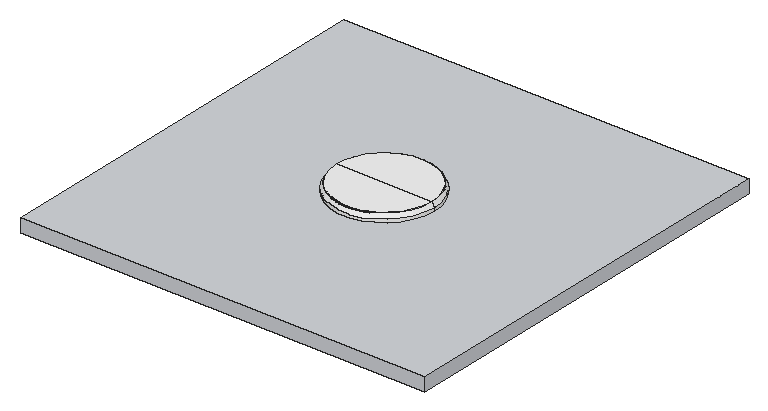
Revit family "Novaline Style", category Lighting Fixtures, host Face, Revit 2018
Family settings
  Host = Face
  Round Connector Dimension = Use Diameter
  Part Type = Normal
  OmniClass Number = 23.80.70.11
  OmniClass Title = Luminaries for Internal Lighting
  Cut with Voids When Loaded = No
  Light Source = Yes
  Shared = No
  Room Calculation Point = No
Parameters (values of type "LANOS L 4000-940 OP HL LDE WH")
  Width = Length  # 496.00 mm
  Wattage = 26.9284 W
  built-in parameter 1150110 = 1 (stored number, unit not read)
  Voltage = 230 V
  URL = "http://www.zumtobel.com/42188223"
  Type Comments = "© Zumtobel. We reserve the right to make technical changes without prior notice."  # constant formula
  built-in parameter 1114217 = 1 (stored number, unit not read)
  Top Diameter = 288.00 mm
  Tilt Angle = 90.00°
  built-in parameter 1150109 = 1 (stored number, unit not read)
  built-in parameter 1150134 = 12
  built-in parameter 1150113 = 1 (stored number, unit not read)
  Photometric Web File = "ZS_Lanos_500mm_HL_Full_4000lm.IES"
  Model = "42188223"
  Manufacturer = "Zumtobel Lighting"  # constant formula
  built-in parameter 1150105 = 1271.6 (stored number, unit not read)
  Lumens = 4000 lm
  built-in parameter 1150115 = 1 (stored number, unit not read)
  built-in parameter 1150137 = (empty or 0)
  built-in parameter 1150139 = (empty or 0)
  Length = 496.00 mm
  built-in parameter 1150112 = 1 (stored number, unit not read)
  built-in parameter 1150114 = 1 (stored number, unit not read)
  Lamp = "LED"
  built-in parameter 1150132 = 2
  built-in parameter 1150102 = (empty or 0)
  built-in parameter 1150107 = 4000 (stored number, unit not read)
  built-in parameter 1150138 = (empty or 0)
  built-in parameter 1150106 = 12.716 (stored number, unit not read)
  Height = 69.00 mm  # constant formula
  Emit from Circle Diameter = Length - 20.00 mm  # 476.00 mm
  Emit Shape Visible in Rendering = no
  built-in parameter 1150104 = 13.8 (stored number, unit not read)
  Dimming Lamp Color Temperature Shift = <None>
  Description = "Decorative wall and ceiling mount LED luminaire"  # constant formula
  Color Filter = 16777215
  Body [instance] = ZG_Metall_White
  built-in parameter 1114218 = 1 (stored number, unit not read)
  built-in parameter 1150133 = 10 (stored number, unit not read)
  Apparent Load = 30.6 VA
  Default Elevation = 0.00 mm
  Assembly Code = "D5020200"
Types (3, lengths in mm): name | Width | Wattage | URL | Top Diameter | Photometric Web File | Model | built-in parameter 1150105 | Lumens | Length | built-in parameter 1150106 | Emit from Circle Diameter | Apparent Load
  LANOS M 3500-940 OP HL LDE WH | 396.00 | 23.5624 W | "http://www.zumtobel.com/42188187" | 288.00 | "ZS_Lanos_400mm_HL_Full_3500lm.IES" | "42188187" | 1112.7 (stored number, unit not read) | 3500 lm | 396.00 | 11.127 (stored number, unit not read) | 376.00 | 24.6 VA
  LANOS L 4000-940 OP HL LDE WH | 496.00 | 26.9284 W | "http://www.zumtobel.com/42188223" | 288.00 | "ZS_Lanos_500mm_HL_Full_4000lm.IES" | "42188223" | 1271.6 (stored number, unit not read) | 4000 lm | 496.00 | 12.716 (stored number, unit not read) | 476.00 | 30.6 VA
  LANOS S 1900-940 OP DI LDE WH | 320.00 | 12.791 W | "http://www.zumtobel.com/42188119" | 248.00 | "42188119_(STD_LEO).IES" | "42188119" | 610.85 (stored number, unit not read) | 1900 lm | 320.00 | 6.1085 (stored number, unit not read) | 300.00 | 14.6 VA
Reference planes
  plane 1 "Top": z = 0
  plane 2 "Center (Left/Right)": x = 0
  plane 3 "Center (Front/Back)": y = -11.001
  plane 4 "Bottom": z = 69
  plane 5: x = -248
  plane 6: x = 248
  plane 7: x = -144
  plane 8: x = -100
  plane 9: x = 100
  plane 10: y = 88.999
  plane 11: y = -111.001
  plane 12: x = 144
  plane 13: x = -238
  plane 14: z = 25.131
  plane 15 "S3": z = 32
  plane 16: z = 25.131
Forms (mm)
  Extrusion 1, solid
    sketch origin (0, 0, 0) x (1, 0, 0) y (0, 1, 0)
      loop
        line (-1000, 988.999) -> (-1000, -1011.001) -> (1000, -1011.001) -> (1000, 988.999) -> (-1000, 988.999)
    from 0 to -66.193
  Revolve 2, solid, material "ZG_Metall_White" <- "Body"
    sketch origin (0, -11.001, 0) x (-1, 0, 0) y (0, 0, 1)
      loop
        line (0, 69) -> (0, 2.775) -> (144, 2.775) -> (144, 25.131)
        arc (144, 25.131) -> (191.12, 26.918) -> (238, 32) r 672.777
        line (238, 32) -> (248, 32) -> (248, 46.303) -> (237.355, 67) -> (235.348, 67) -> (235.348, 69) -> (0, 69)
      axis (0, 2.775) -> (0, 69)
    angle from 0 to 360
  Extrusion 3, solid, material "ZG_Metal_Black"
    sketch origin (0, 0, 0) x (1, 0, 0) y (0, 1, 0)
      loop
        circle (-100, -11.001) r 10
      loop
        circle (100, -11.001) r 10
      loop
        circle (0, 88.999) r 10
      loop
        circle (0, -111.001) r 10
    from 0 to 2.775
Dimensions and locks
  locked: plane 4 "Bottom" to plane 1 "Top" at 69
  equal spacing: plane 6, plane 2 "Center (Left/Right)", plane 5
  "Length": plane 6 to plane 5
  equal spacing: plane 12, plane 2 "Center (Left/Right)", plane 7
  "Top Diameter": plane 12 to plane 7
  locked: plane 13 to plane 5 at 10
  plane 4 "Bottom" to plane 15 "S3" to plane 16 = 37.00 mm locked, 6.869 mm locked
  aligned and locked: plane 1 "Top" to Extrusion 1
  aligned and locked: level to Extrusion 1
  aligned and locked: imposter light to plane 4 "Bottom"
  aligned: imposter light to plane 2 "Center (Left/Right)"
  aligned: imposter light to plane 3 "Center (Front/Back)"
  aligned and locked: plane 7 to Revolve 2 sketch curve
  aligned and locked: plane 8 to Extrusion 3 sketch curve
  aligned and locked: plane 9 to Extrusion 3 sketch curve
  aligned and locked: plane 16 to Revolve 2 sketch curve
Automatic sketch dimensions
  Extrusion 1 sketch curve to Extrusion 1 sketch curve = 2000.00 mm  (x2)
  Extrusion 3 sketch curve to plane 3 "Center (Front/Back)" = 0.00 mm  (x2)
  Extrusion 3 sketch curve to plane 2 "Center (Left/Right)" = 0.00 mm  (x2)
  Extrusion 3 sketch curve to plane 3 "Center (Front/Back)" = 100.00 mm
  plane 3 "Center (Front/Back)" to Extrusion 3 sketch curve = 100.00 mm
  Revolve 2 sketch curve to plane 2 "Center (Left/Right)" = 0.00 mm  (x2)
  Revolve 2 sketch curve to plane 4 "Bottom" = 0.00 mm
  Revolve 2 sketch curve to plane 13 = 0.00 mm
  Revolve 2 sketch curve to plane 5 = 0.00 mm
  Revolve 2 sketch curve to plane 15 "S3" = 0.00 mm
  plane 7 to Revolve 2 sketch curve = 1.909 mm
  plane 13 to Revolve 2 sketch curve = 2.652 mm
  plane 13 to Revolve 2 sketch curve = 0.645 mm
  level to Revolve 2 sketch curve = 2.775 mm
  Revolve 2 sketch curve to Revolve 2 sketch curve = 14.303 mm
  Revolve 2 sketch curve to plane 4 "Bottom" = 2.00 mm
  Revolve 2 sketch curve to Revolve 2 sketch curve = 30.00 mm
  Revolve 2 sketch curve to Revolve 2 sketch curve = 45.00 mm
  radius of Extrusion 3 sketch curve = 10.00 mm  (x4)
